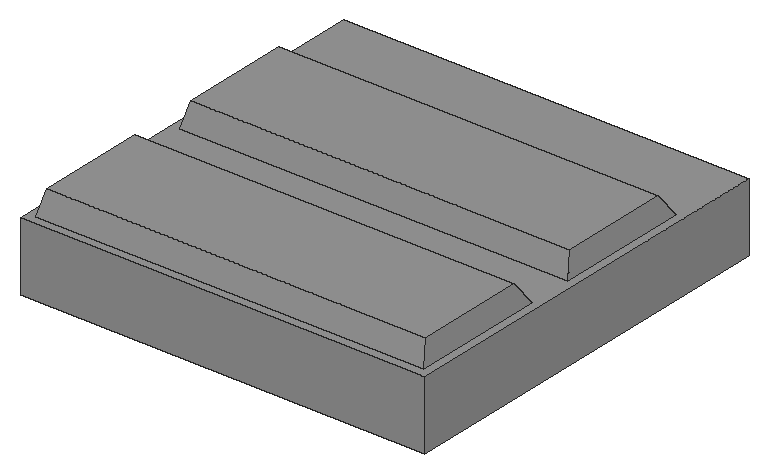
Revit family "ElectricalEquipment_Hager_RCCBIncomerDual", category Electrical Equipment, host Face, Revit 2015
Parameters (values of type "VML30606H")
  _DistributedBy = "www.bimstore.co.uk"
  _CurrentRevision = 0
  _CreatedBy = "MajentaSolutions"
  _BimstoreBibleVersion = "V14"
  _BimSpecGuid = 0
  _Author = "MajentaSolutions"
  WarrantyStartDate [instance] = ""
  WarrantyGuarantorParts = "2"
  WarrantyGuarantorLabor = ""
  WarrantyDurationUnit = "Years"
  WarrantyDurationParts = 2
  WarrantyDurationLabor = 0
  WarrantyDescription = "See Manufacturer"
  Voltage = "230V"
  URL = "http://www.hager.co.uk/"
  TypeName = Category  # "ElectricalEquipment"
  Type Comments = Model  # "VML30606H"
  TagNumber [instance] = ""
  SustainabilityPerformance = ""
  Size = ""
  built-in parameter 1140080 [instance] = "16kA"
  Shape = "Rectangular"
  ServiceLifeDuration = 0
  SerialNumber [instance] = ""
  ReplacementCost = 0
  NominalWidth = 486 mm  # constant formula
  NominalLength = 227 mm
  NominalHeight = 486 mm
  NominalDepth = 100 mm  # constant formula
  Neutral Rating = 1  # 100.00%
  NBSReference = ClassificationValue  # "Pr_80_77_28_16"
  NBSOfficeMasterTag = "n/a"
  NBSObjectName = "Hager_RCCBIncomer_VML30606H"
  NBSNote = ""
  NBSDescription = Category  # "ElectricalEquipment"
  built-in parameter 1140081 [instance] = "ElectricalEquipment"
  ModelReference = ""
  ModelNumber = ""
  ModelLabel = ""
  Model = "VML30606H"
  built-in parameter 1140079 [instance] = (empty or 0)
  Material = "MildSteel,ABS,AcousticComposite"
  ManufacturerName = Manufacturer  # "Hager"
  Manufacturer = "Hager"
  Mains Type = "AC"
  Keynote = "V"
  InstallationDate [instance] = ""
  IfcExportType = ""
  IfcExportAs = "ElectricalEquipment"
  Grade = ""
  Finish = ""
  Features = Description  # "Design10DualRow6+6Way100ARCCBIncomer"
  ExpectedLife = 10
  EAN = "3250610841778"
  DurationUnit = "Years"
  DocumentationTechnical = "http://www.hager.co.uk/product-catalogue/energy-distribution/consumer-units/design-range-of-consumer-units/design-10/51386.htm"
  DocumentationMaintenance = ""
  DocumentationLiterature = "http://www.hager.co.uk/product-catalogue/energy-distribution/consumer-units/design-range-of-consumer-units/design-10/51386.htm"
  DocumentationInstallationGuide = ""
  DocumentationCertificates = ""
  Description = "Design10DualRow6+6Way100ARCCBIncomer"
  Default Elevation = 500 mm
  CreatedOn = "22.06.17"
  CreatedBy = "MajentaSolutions"
  Constituents = ""
  Colour = "RAL 9010 White Gloss"
  CodePerformance = ""
  ClassificationValue = "Pr_80_77_28_16"
  ClassificationName = "Uniclass2015"
  Category = "ElectricalEquipment"
  BarCode [instance] = ""
  BIMObjectName = "Hager_ElectricalEquipment_RCCBIncomer_VML30606H"
  B = A / 3  # 54 mm
  AssetType = "Fixed"
  AssetIdentifier [instance] = ""
  Assembly Code = "D5010"
  AccessibilityPerformance = ""
  A = NominalHeight / 3  # 162 mm
Reference planes
  plane 1 "Center (Front/Back)": y = 0
  plane 2: z = 0
  plane 3 "Center (Left/Right)": x = 0
  plane 4: x = 243
  plane 5: x = -243
  plane 6: y = -243
  plane 7: y = 243
  plane 8: z = 83
  plane 9: y = 17.016
  plane 10: x = -30
  plane 11: x = 30
  plane 12: y = -231.984
  plane 13: y = -221.984
  plane 14: y = -89.984
  plane 15: y = -69.984
  plane 16: y = -15.984
  plane 17: y = -5.984
  plane 18: y = 126.016
  plane 19: y = 146.016
  plane 20: x = -233
  plane 21: x = -228
  plane 22: x = 233
  plane 23: x = 228
Forms (mm)
  Extrusion 1, solid, material "MildSteel,ABS,AcousticComposite", detail levels medium+fine
    sketch origin (0, 0, 0) x (1, 0, 0) y (0, 1, 0)
      loop
        line (-243, 243) -> (-243, -243) -> (243, -243) -> (243, 243) -> (-243, 243)
    from 0 to 83
  Blend 2, solid, material "MildSteel,ABS,AcousticComposite"
    base sketch origin (0, 0, 0) x (1, 0, 0) y (0, 1, 0)
      loop
        line (-233, 146.016) -> (-233, -15.984) -> (233, -15.984) -> (233, 146.016) -> (-233, 146.016)
    top sketch origin (0, 0, 0) x (1, 0, 0) y (0, 1, 0)
      loop
        line (-228, 126.016) -> (-228, -5.984) -> (228, -5.984) -> (228, 126.016) -> (-228, 126.016)
    from 83 to 110.736
  Blend 3, solid, material "MildSteel,ABS,AcousticComposite"
    base sketch origin (0, 0, 0) x (1, 0, 0) y (0, 1, 0)
      loop
        line (-233, -69.984) -> (-233, -231.984) -> (233, -231.984) -> (233, -69.984) -> (-233, -69.984)
    top sketch origin (0, 0, 0) x (1, 0, 0) y (0, 1, 0)
      loop
        line (-228, -221.984) -> (228, -221.984) -> (228, -89.984) -> (-228, -89.984) -> (-228, -221.984)
    from 83 to 110.736
Lines and regions (mm)
  reference lines
    curve 1: line (-233, 24.616, 0) -> (-233, -231.984, 0)
    curve 2: line (-233, -231.984, 0) -> (233, -231.984, 0)
    curve 3: line (233, -231.984, 0) -> (233, 29.616, 0)
    curve 11: line (-228, 10, 0) -> (-228, -223, 0)
    curve 12: line (-228, -223, 0) -> (228, -223, 0)
    curve 13: line (228, -223, 0) -> (228, 10, 0)
    curve 17: line (-233, 0, 0) -> (233, 0, 0)
    curve 21: line (-228, 10, 0) -> (228, 10, 0)
  model lines
    curve 4: line (-243, 243, 0) -> (-243, -243, 0)
    curve 5: line (243, 243, 0) -> (243, -243, 0)
    curve 6: line (243, -243, 0) -> (-243, -243, 0)
    curve 7: line (243, 243, 0) -> (-243, 243, 0)
    curve 8: line (-233, -47.984, 0) -> (-233, -231.984, 0)
    curve 9: line (233, -231.984, 0) -> (233, -47.984, 0)
    curve 10: line (-233, -231.984, 0) -> (233, -231.984, 0)
    curve 14: line (-233, -231.984, 0) -> (-233, -47.984, 0)
    curve 15: line (233, -231.984, 0) -> (-233, -231.984, 0)
    curve 16: line (233, -47.984, 0) -> (233, -231.984, 0)
    curve 18: line (-233, 65.016, 0) -> (-233, 0, 0)
    curve 19: line (233, 0, 0) -> (233, 65.016, 0)
    curve 20: line (-233, 0, 0) -> (233, 0, 0)
    curve 22: line (-233, 0, 0) -> (-233, 65.016, 0)
    curve 23: line (233, 0, 0) -> (-233, 0, 0)
    curve 24: line (233, 65.016, 0) -> (233, 0, 0)
    curve 25: line (-233, 146.016, 0) -> (233, 146.016, 0)
    curve 26: line (-233, -15.984, 0) -> (-233, 146.016, 0)
    curve 27: line (233, 146.016, 0) -> (233, -15.984, 0)
    curve 28: line (-233, -69.984, 0) -> (233, -69.984, 0)
    curve 29: line (233, -69.984, 0) -> (233, -231.984, 0)
    curve 30: line (-233, -231.984, 0) -> (-233, -69.984, 0)
    curve 31: line (233, -231.984, 0) -> (-233, -231.984, 0)
  symbolic lines, detail levels coarse+medium
    curve 32: line (-239.252, 0, 120) -> (-239.252, 0, 0)
    curve 33: line (-239.252, 0, 0) -> (240.748, 0, 0)
    curve 34: line (240.748, 0, 0) -> (240.748, 0, 120)
    curve 35: line (240.748, 0, 120) -> (-239.252, 0, 120)
    curve 36: line (240.748, 0, 120) -> (-240.546, 0, 0)
  symbolic lines, not visible, detail levels coarse+medium
    curve 37: line (-353.498, 0, 512.331) -> (-353.498, 0, 392.331)
    curve 38: line (-353.498, 0, 392.331) -> (126.502, 0, 392.331)
    curve 39: line (126.502, 0, 392.331) -> (126.502, 0, 512.331)
    curve 40: line (126.502, 0, 512.331) -> (-353.498, 0, 512.331)
    curve 41: line (126.502, 0, 512.331) -> (-354.791, 0, 392.331)
Dimensions and locks
  equal spacing: plane 5, plane 3 "Center (Left/Right)", plane 4
  "NominalWidth": plane 5 to plane 4
  equal spacing: plane 6, plane 1 "Center (Front/Back)", plane 7
  "NominalHeight": plane 6 to plane 7
  "A": plane 16 to plane 19
  "A": plane 12 to plane 15
  locked: plane 13 to plane 12 at 10
  locked: plane 15 to plane 14 at 20
  locked: plane 17 to plane 16 at 10
  locked: plane 19 to plane 18 at 20
  locked: plane 20 to plane 21 at 5
  locked: plane 23 to plane 22 at 5
  "B": plane 15 to plane 16
  locked: plane 12 to plane 6 at 11.016
  aligned and locked: plane 2 to host face
  aligned and locked: level to host face
  aligned and locked: Extrusion 1 sketch curve to plane 5
  aligned and locked: Extrusion 1 sketch curve to plane 6
  aligned and locked: Extrusion 1 sketch curve to plane 4
  aligned and locked: Extrusion 1 sketch curve to plane 7
  aligned and locked: Extrusion 1 to plane 8
  aligned and locked: curve 4 to plane 5
  aligned and locked: curve 5 to plane 4
  aligned and locked: curve 6 to plane 6
  aligned and locked: curve 7 to plane 7
  aligned and locked: curve 1 to curve 8
  aligned and locked: curve 9 to curve 3
  aligned and locked: curve 10 to curve 2
  aligned and locked: curve 14 to curve 8
  aligned and locked: curve 15 to curve 10
  aligned and locked: curve 16 to curve 9
  aligned and locked: curve 20 to curve 17
  aligned and locked: curve 22 to curve 18
  aligned and locked: curve 23 to curve 20
  aligned and locked: curve 24 to curve 19
  aligned and locked: Blend 2 sketch curve to plane 20
  aligned and locked: Blend 2 sketch curve to plane 19
  aligned and locked: Blend 2 sketch curve to plane 22
  aligned and locked: Blend 2 sketch curve to plane 16
  aligned and locked: Blend 2 sketch curve to plane 18
  aligned and locked: Blend 2 sketch curve to plane 21
  aligned and locked: Blend 2 sketch curve to plane 17
  aligned and locked: Blend 2 sketch curve to plane 23
  aligned and locked: Blend 3 sketch curve to plane 20
  aligned and locked: Blend 3 sketch curve to plane 15
  aligned and locked: Blend 3 sketch curve to plane 12
  aligned and locked: Blend 3 sketch curve to plane 22
  aligned and locked: Blend 3 sketch curve to plane 21
  aligned and locked: Blend 3 sketch curve to plane 14
  aligned and locked: Blend 3 sketch curve to plane 23
  aligned and locked: Blend 3 sketch curve to plane 13
  aligned and locked: Blend 3 to Extrusion 1
  aligned and locked: Blend 2 to Extrusion 1
  aligned and locked: Blend 3 to Blend 2
  aligned and locked: curve 25 to Blend 2
  aligned and locked: curve 26 to Blend 2
  aligned and locked: curve 27 to Blend 2
  aligned and locked: curve 28 to Blend 3
  aligned and locked: curve 29 to Blend 3
  aligned and locked: curve 30 to Blend 3
  aligned and locked: curve 31 to Blend 3
Automatic sketch dimensions
  host sketch curve to host sketch curve = 2438.4 mm  (x2)
  plane 1 "Center (Front/Back)" to curve 17 = 0 mm
  plane 9 to curve 1 = 7.601 mm
  plane 9 to curve 3 = 12.601 mm
  plane 5 to curve 22 = 10 mm
  curve 19 to plane 4 = 10 mm
  curve 14 to curve 18 = 47.984 mm
  plane 5 to curve 11 = 15 mm
  curve 13 to plane 9 = 7.016 mm
  curve 13 to plane 4 = 15 mm
  curve 13 to plane 6 = 20 mm
  curve 9 to curve 19 = 47.984 mm
  plane 9 to curve 18 = 48 mm
  plane 9 to curve 24 = 48 mm
  plane 5 to curve 2 = 10 mm
  curve 3 to plane 4 = 10 mm
  curve 1 to plane 12 = 0 mm
  plane 19 to curve 25 = 0 mm
  curve 25 to plane 20 = 0 mm
  curve 25 to plane 22 = 0 mm
  curve 26 to plane 16 = 0 mm
  curve 27 to plane 16 = 0 mm
  plane 15 to curve 28 = 0 mm
  plane 15 to curve 29 = 0 mm
